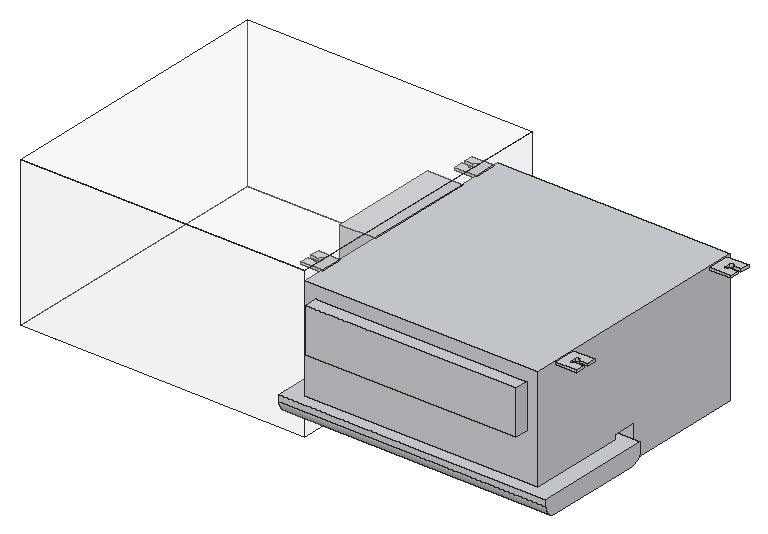
Revit family "pefy-mp22_36ml(-r)_50Hz", category 機械設備, Revit 2019
Family settings
  丸型コネクタ寸法 = 直径を使用
  パーツ タイプ = 標準
  OmniClass 番号 = 23.75.10.24.21.27.27
  OmniClass タイトル = Split System Air Conditioning Units
  作業面ベース = いいえ
  常に垂直 = はい
  ロード時にボイドで切り取り = いいえ
  共有 = いいえ
  部屋計算ポイント = はい
Parameters (values of type "PEFY-MP22ML")
  騒音レベル（弱）(dB) = 39
  音響パワーレベル（中1）(dB) = 49
  風量（弱）（m3／min） = 4.8
  風量（中2）（m3／min） = 5.8
  風量（中1）（m3／min） = 6.8
  風量（m3／min） = 7.9
  音響パワーレベル（中2）(dB) = 45
  音響パワーレベル(dB) = 53
  電圧_電気ヒーター = 0 V
  電動機出力_送風機 = 0.085 kW
  運転質量 = 0.00 kg
  説明 = "ビル用マルチエアコン 天井埋込形 室内機"
  設計暖房能力 [instance] = 0 kW
  設計冷房能力_顕熱 [instance] = 0 kW
  設計冷房能力 [instance] = 0 kW
  設置方法 = "天井吊（隠ぺい）形"
  製造元 = "三菱電機株式会社"
  製品質量 = 18.00 kg
  製品出荷対象 = "国内"
  製品リリース年月 = "2024/9/30"
  製品グループ = ""
  表示 = yes
  系統 [instance] = ""
  相_電気ヒーター = 1
  盤記号 [instance] = ""
  特殊仕様 [instance] = ""
  点検口 = yes
  消費電力_電気ヒーター = 0 kW
  消費電力_暖房 = 0.03 kW
  消費電力_加湿器 = 0 kW
  消費電力_冷房 = 0.04 kW
  消費電力 = if(消費電力_冷房 > 消費電力_暖房, 消費電力_冷房, 消費電力_暖房) + 消費電力_加湿器 + 消費電力_電気ヒーター  # 0.04 kW
  法定耐用年数 = "15"
  機外静圧 = 5.0 Pa
  極数 = 1
  材質 [instance] = ""
  形式_加湿器 = ""
  形式 = "天井吊（隠ぺい）形（両ダクト形）"
  幹線記号 [instance] = ""
  呼称 = "室内機_天井吊（隠ぺい）形（両ダクト形）"
  台数_手元リモコン [instance] = ""
  台数_冷媒分岐ユニット [instance] = ""
  参照している仕様書等のバージョン = "公共建築工事標準仕様書（機械設備工事編）平成31年度版"
  加湿給水管径 = 0.00 mm
  分類コード = "50053003221070"
  分類グループ = ""
  冷媒高低圧ガス管径 = 0.00 mm
  価格 = 0
  企業コード = "108420"
  付属品_フィルター = ""
  付属品 [instance] = ""
  仕様書バージョン = "Version1.0"
  モデル = "PEFY-MP22ML"
  コメント [instance] = ""
  Keynote = ""
  Width = 530.000 mm
  Version = ""
  Uniclass2015Version = "Systems v1.9"
  Uniclass2015Title = "Split coil remote air cooled condensing units"
  Uniclass2015Code = "Pr_70_65_03_84"
  URL = "https://www.mitsubishielectric.co.jp/ldg/wink/qr/002/335170/"
  SpecificationReference = ""
  SpecificationDescription = ""
  風量 = MAX風量  # 474.0 m³/h
  電源種別 = ""
  電圧 = 200 V
  連動 = ""
  質量 = if(製品質量 > 運転質量, 製品質量, 運転質量) * 1.2  # 21.60 kg
  負荷分類 = 3_ファン類
  記号 [instance] = ""
  符号 = "ACP-CID"
  積算_科目 = "1 空気調和設備"
  積算_拾い区分 [instance] = ""
  相 = 1
  発停方法 = "付属スイッチ"
  火災停止 = ""
  本体マテリアル = none
  有効加湿量 = 0
  暖房能力 = 2.5 kW
  始動方式 = "直入"
  周波数 = 50 Hz
  冷房能力 = 2.2 kW
  冷媒管径符号 = "Ac"
  冷媒管径 = 100.00 mm
  冷媒液管径 = 6.35 mm
  冷媒ガス管径 = 12.70 mm
  ドレン管径 = 27.20 mm
  SAサイズ_W = 480.000 mm
  SAサイズ_D = 100.000 mm
  Revision = ""
  R-表示 = no
  ProductInformation = ""
  OmniClassCode = "23-33 17 13 11"
  MIN風量 = 風量（弱）（m3／min） * 60.0 m³/h  # 288.0 m³/h
  MID風量2 = 風量（中2）（m3／min） * 60.0 m³/h  # 348.0 m³/h
  MID風量 = 風量（中1）（m3／min） * 60.0 m³/h  # 408.0 m³/h
  MAX風量 = 風量（m3／min） * 60.0 m³/h  # 474.0 m³/h
  IfcTypeProduct = ""
  IfcProduct = ""
  IfcExportType = "AIRCONDITIONINGUNIT"
  IfcExportAs = "IfcUnitaryEquipmentType"
  Height = 300.000 mm
  Depth = 550.000 mm
  Author = "三菱電機株式会社"
Types (6, lengths in mm): name | 音響パワーレベル（中1）(dB) | 風量（中2）（m3／min） | 風量（中1）（m3／min） | 風量（m3／min） | 音響パワーレベル（中2）(dB) | 音響パワーレベル(dB) | 表示 | 消費電力_暖房 | 消費電力_冷房 | 消費電力 | モデル | URL | 風量 | 暖房能力 | 冷房能力 | R-表示 | MID風量2 | MID風量 | MAX風量
  PEFY-MP22ML | 49 | 5.8 | 6.8 | 7.9 | 45 | 53 | yes | 0.03 kW | 0.04 kW | 0.04 kW | "PEFY-MP22ML" | "https://www.mitsubishielectric.co.jp/ldg/wink/qr/002/335170/" | 474.0 m³/h | 2.5 kW | 2.2 kW | no | 348.0 m³/h | 408.0 m³/h | 474.0 m³/h
  PEFY-MP28ML | 49 | 5.8 | 6.8 | 7.9 | 45 | 53 | yes | 0.03 kW | 0.04 kW | 0.04 kW | "PEFY-MP28ML" | "https://www.mitsubishielectric.co.jp/ldg/wink/qr/002/335171/" | 474.0 m³/h | 3.2 kW | 2.8 kW | no | 348.0 m³/h | 408.0 m³/h | 474.0 m³/h
  PEFY-MP36ML | 51 | 6.3 | 7.8 | 9.3 | 47 | 56 | yes | 0.04 kW | 0.05 kW | 0.05 kW | "PEFY-MP36ML" | "https://www.mitsubishielectric.co.jp/ldg/wink/qr/002/335172/" | 558.0 m³/h | 4 kW | 3.6 kW | no | 378.0 m³/h | 468.0 m³/h | 558.0 m³/h
  PEFY-MP22ML-R | 49 | 5.8 | 6.8 | 7.9 | 45 | 53 | no | 0.03 kW | 0.04 kW | 0.04 kW | "PEFY-MP22ML-R" | "https://www.mitsubishielectric.co.jp/ldg/wink/qr/002/335173/" | 474.0 m³/h | 2.5 kW | 2.2 kW | yes | 348.0 m³/h | 408.0 m³/h | 474.0 m³/h
  PEFY-MP28ML-R | 49 | 5.8 | 6.8 | 7.9 | 45 | 53 | no | 0.03 kW | 0.04 kW | 0.04 kW | "PEFY-MP28ML-R" | "https://www.mitsubishielectric.co.jp/ldg/wink/qr/002/335174/" | 474.0 m³/h | 3.2 kW | 2.8 kW | yes | 348.0 m³/h | 408.0 m³/h | 474.0 m³/h
  PEFY-MP36ML-R | 51 | 6.3 | 7.8 | 9.3 | 47 | 56 | no | 0.04 kW | 0.05 kW | 0.05 kW | "PEFY-MP36ML-R" | "https://www.mitsubishielectric.co.jp/ldg/wink/qr/002/335175/" | 558.0 m³/h | 4 kW | 3.6 kW | yes | 378.0 m³/h | 468.0 m³/h | 558.0 m³/h
Reference planes
  plane 1 "中心(正面/背面)": y = 0
  plane 2: z = 0
  plane 3 "中心(左/右)": x = 0
  plane 4 "左": x = -265
  plane 5 "右": x = 265
  plane 6 "正面": y = -275
  plane 7 "背面": y = 275
  plane 8: z = 300
  plane 9: z = 320
  plane 10: z = -20
  plane 11: y = 375
  plane 12: y = -375
  plane 13: x = -915
  plane 14: x = -465
  plane 15: x = 915
  plane 16: x = 465
  plane 17: y = -175
Lines and regions (mm)
  Masking region 1, detail levels coarse+medium
    outline origin (0, 0, 0) x (1, 0, 0) y (0, 1, 0)
      loop
        line (-265, 275) -> (-265, -275) -> (265, -275) -> (265, 275) -> (-265, 275)
  symbolic lines
    curve 1: line (265, 275, 0) -> (-265, 275, 0)
    curve 2: line (-265, 275, 0) -> (-265, -275, 0)
    curve 3: line (-265, -275, 0) -> (265, -275, 0)
    curve 4: line (265, -275, 0) -> (265, 275, 0)
Dimensions and locks
  "Height": plane 8 to level
  equal spacing: plane 4 "左", plane 3 "中心(左/右)", plane 5 "右"
  "Width": plane 4 "左" to plane 5 "右"
  equal spacing: plane 6 "正面", plane 1 "中心(正面/背面)", plane 7 "背面"
  "Depth": plane 6 "正面" to plane 7 "背面"
  locked: plane 9 to plane 8 at 20
  locked: plane 2 to plane 10 at 20
  locked: plane 13 to plane 4 "左" at 650
  locked: plane 13 to plane 14 at 450
  locked: plane 6 "正面" to plane 11 at 650
  locked: plane 12 to plane 7 "背面" at 650
  locked: plane 5 "右" to plane 15 at 650
  locked: plane 16 to plane 15 at 450
  aligned and locked: level to plane 2
  aligned and locked: plane 10 to nested 3
  aligned and locked: plane 9 to nested 3
  aligned and locked: plane 2 to nested 4
  aligned and locked: plane 9 to nested 4
  aligned and locked: nested 2 to plane 3 "中心(左/右)"
  aligned and locked: nested 2 to plane 1 "中心(正面/背面)"
  aligned and locked: plane 15 to nested 4
  aligned and locked: plane 11 to nested 4
  aligned and locked: plane 5 "右" to nested 4
  aligned and locked: plane 6 "正面" to nested 4
  aligned and locked: plane 4 "左" to nested 3
  aligned and locked: plane 13 to nested 3
  aligned and locked: plane 1 "中心(正面/背面)" to nested 1
  aligned and locked: nested 1 to plane 3 "中心(左/右)"
  aligned and locked: plane 6 "正面" to nested 3
  aligned and locked: plane 11 to nested 3
  aligned and locked: curve 1 to nested 1
  aligned and locked: curve 2 to nested 1
  aligned and locked: curve 3 to nested 1
  aligned and locked: curve 4 to nested 1
  aligned and locked: plane 13 to nested 5
  aligned and locked: plane 14 to nested 5
  aligned and locked: plane 17 to nested 5
  aligned and locked: nested 5 to plane 7 "背面"
  aligned and locked: plane 15 to nested 6
  aligned and locked: nested 6 to plane 7 "背面"
  aligned and locked: plane 16 to nested 6
  aligned and locked: nested 6 to plane 17
Automatic sketch dimensions
  Masking region 1 sketch curve to plane 4 "左" = 0.000 mm
  Masking region 1 sketch curve to plane 5 "右" = 0.000 mm
  plane 6 "正面" to Masking region 1 sketch curve = 0.000 mm
  plane 7 "背面" to Masking region 1 sketch curve = 0.000 mm
Nested families
  nested 1: "PEFY-MP_ML" at (0, 0, 0) x (0, -1, 0) z (0, 0, 1), 表示 <- "表示", ①奥行き <- "Width", ①幅 <- "Depth", ①高さ <- "Height", ガス径 <- "冷媒ガス管径", ドレン径 <- "ドレン管径", 配管径 <- "冷媒管径", 液径 <- "冷媒液管径", type "PEFY-MP_ML"
    with 配管径 100.000 mm, 表示 yes, 液径 6.350 mm, 液W 27.000 mm, 液H 153.000 mm, 液D 62.000 mm, 吊りボルトW 439.000 mm, 吊りボルトH 0.000 mm, 吊りボルトD 584.000 mm, 加湿器径 0.000 mm, 加湿器W 0.000 mm, 加湿器H 0.000 mm, 加湿器D 0.000 mm, ドレン径 27.200 mm, ドレンW 109.000 mm, ドレンH 252.000 mm, ダクト高 100.000 mm, ダクト幅 480.000 mm, ガス径 12.700 mm, ガスW 139.000 mm, ガスH 37.000 mm, ①高さ 300.000 mm, ①幅 550.000 mm, ①奥行き 530.000 mm
  nested 2: "PEFY-MP_ML" at (0, 0, 0) x (0, -1, 0) z (0, 0, 1), 表示 <- "R-表示", ドレン径 <- "ドレン管径", type "PEFY-MP_ML"
    with 配管径 100.000 mm, 表示 no, 液径 6.350 mm, 液W 27.000 mm, 液H 153.000 mm, 液D 62.000 mm, 吊りボルトW 439.000 mm, 吊りボルトH 0.000 mm, 吊りボルトD 584.000 mm, 加湿器径 0.000 mm, 加湿器W 0.000 mm, 加湿器H 0.000 mm, 加湿器D 0.000 mm, ドレン径 27.200 mm, ドレンW 109.000 mm, ドレンH 252.000 mm, ダクト高 100.000 mm, ダクト幅 480.000 mm, ガス径 12.700 mm, ガスW 139.000 mm, ガスH 37.000 mm, ①高さ 300.000 mm, ①幅 550.000 mm, ①奥行き 530.000 mm
  nested 3: "サービススペース" at (-590, 50, 150), visible <- "表示", type "サービススペース"
    with Width 650.000 mm, Height 340.000 mm, Depth 650.000 mm
  nested 4: "サービススペース" at (590, 50, 160), visible <- "R-表示", type "サービススペース"
    with Width 650.000 mm, Height 320.000 mm, Depth 650.000 mm
  nested 5: "点検口設置範囲" at (-690, 50, 0), visible <- "点検口", type "点検口設置範囲"
    with Width 450.000 mm, Depth 450.000 mm
  nested 6: "点検口設置範囲" at (690, 50, 0), visible <- "点検口", type "点検口設置範囲"
    with Width 450.000 mm, Depth 450.000 mm
Connectors
  electrical at (-345, 50, 187.5), driven by "極数", driven by "負荷分類", driven by "電圧", driven by "消費電力"
    settings: on nested 1, index 1, voltage 200 V, apparent load 40 VA, apparent load phase1 0 VA, apparent load phase2 0 VA, apparent load phase3 0 VA, power factor 1, load classification "3_ファン類", number of poles 1, system type 30, power factor state 1, is connector primary yes, connector utility no, sub classification motor no, connector description ""
  electrical at (345, 50, 187.5), driven by "極数", driven by "負荷分類", driven by "電圧", driven by "消費電力"
    settings: on nested 2, index 5, voltage 200 V, apparent load 40 VA, apparent load phase1 0 VA, apparent load phase2 0 VA, apparent load phase3 0 VA, power factor 1, load classification "3_ファン類", number of poles 1, system type 30, power factor state 1, is connector primary no, connector utility no, sub classification motor no, connector description ""
  piping at (327, -166, 48), diameter 27.2, driven by "ドレン管径"
    settings: on nested 2, index 9, connector inside diameter 609.60 mm, connector length 0.000 mm, flow factor 0, pipe flow 0.0 L/s, pressure drop 0.0 Pa, fitting loss kfactor 0, connector angle 0.00°, fixture units 0, engagement length 0.000 mm, angle of deflection 0.00°, flow configuration 1, flow direction 2, fitting loss method 4, system type 16, joint type 0, gender type 0, connector reference index -1, connector utility 0, adjustable connector no, is connector primary yes, connector description ""
  hvac at (0, -305, 222), driven by "SAサイズ_D", driven by "SAサイズ_W", driven by "風量"
    settings: on nested 2, index 10, duct flow 474.0 m³/h, flow factor 0, pres drop 0.0 Pa, loss coef 0, conn angle 0.00°, conn width 480 mm, conn height 100 mm, conn diameter 609.6 mm, duct sys type 1, conn prof type 1, flow config 0, flow direction 2, loss method 4, conn ref index -1, conn util no, is conn primary yes, conn desc ""
  piping at (-327, -166, 48), diameter 27.2, driven by "ドレン管径"
    settings: on nested 1, index 11, connector inside diameter 609.60 mm, connector length 0.000 mm, flow factor 0, pipe flow 0.0 L/s, pressure drop 0.0 Pa, fitting loss kfactor 0, connector angle 0.00°, fixture units 0, engagement length 0.000 mm, angle of deflection 0.00°, flow configuration 1, flow direction 2, fitting loss method 4, system type 16, joint type 0, gender type 0, connector reference index -1, connector utility 0, adjustable connector no, is connector primary no, connector description ""
  piping at (-334, -122.5, 186.5), diameter 100, driven by "冷媒管径", driven by "冷媒管径符号"
    settings: on nested 1, index 12, connector inside diameter 609.60 mm, connector length 0.000 mm, flow factor 0, pipe flow 0.0 L/s, pressure drop 0.0 Pa, fitting loss kfactor 0, connector angle 0.00°, fixture units 0, engagement length 0.000 mm, angle of deflection 0.00°, flow configuration 1, flow direction 1, fitting loss method 4, system type 7, joint type 0, gender type 0, connector reference index -1, connector utility 0, adjustable connector no, is connector primary no, connector description "Ac"
  piping at (334, -122.5, 186.5), diameter 100, driven by "冷媒管径符号", driven by "冷媒管径"
    settings: on nested 2, index 13, connector inside diameter 609.60 mm, connector length 0.000 mm, flow factor 0, pipe flow 0.0 L/s, pressure drop 0.0 Pa, fitting loss kfactor 0, connector angle 0.00°, fixture units 0, engagement length 0.000 mm, angle of deflection 0.00°, flow configuration 1, flow direction 1, fitting loss method 4, system type 7, joint type 0, gender type 0, connector reference index -1, connector utility 0, adjustable connector no, is connector primary no, connector description "Ac"
Definition of nested family "PEFY-MP_ML"
  Parameters (values of type "PEFY-MP_ML")
    表示 [instance] = yes
    加湿器径 [instance] = 0.000 mm
    加湿器W [instance] = 0.000 mm
    加湿器H [instance] = 0.000 mm
    加湿器D [instance] = 0.000 mm
    液径 [instance] = 6.350 mm
    吊りボルトW [instance] = 439.000 mm
    吊りボルトH [instance] = 0.000 mm
    吊りボルトD [instance] = 584.000 mm
    配管径 [instance] = 100.000 mm
    液W [instance] = 27.000 mm
    液H [instance] = 153.000 mm
    液D [instance] = 62.000 mm
    ドレン径 [instance] = 27.200 mm
    ドレンW [instance] = 109.000 mm
    ドレンH [instance] = 252.000 mm
    ダクト高 [instance] = 100.000 mm
    ダクト幅 [instance] = 480.000 mm
    ガス径 [instance] = 12.700 mm
    ガスW [instance] = 139.000 mm
    ガスH [instance] = 37.000 mm
    ①幅 [instance] = 550.000 mm
    ①高さ [instance] = 300.000 mm
    ①奥行き [instance] = 530.000 mm
  Reference planes
    plane 1 "中心(正面/背面)": y = 0
    plane 2: z = 0
    plane 3 "中心(左/右)": x = 0
    plane 4: x = -275
    plane 5: x = 275
    plane 6: y = 265
    plane 7: y = -265
    plane 8: z = 300
    plane 9: y = 292
    plane 10: y = -292
    plane 11: x = -239
    plane 12: x = 200
    plane 13: z = 295
    plane 14: x = 305
    plane 15: x = -214
    plane 16: x = -264
    plane 17: x = 175
    plane 18: x = 225
    plane 19: y = 315
    plane 20: y = -315
    plane 21: y = -345
    plane 22: z = 75
    plane 23: z = 25
    plane 24: x = 32
    plane 25: x = 75
    plane 26: x = -175
    plane 27: y = 305
    plane 28: y = -305
    plane 29: x = 300
    plane 30: x = 166
    plane 31: z = 65
    plane 32: z = 48
    plane 33: y = -240
    plane 34: y = 240
    plane 35: z = 272
    plane 36: z = 172
    plane 37: x = 109
    plane 38: x = 136
    plane 39: z = 263
    plane 40: z = 110
    plane 41: z = 186.5
    plane 42: x = 122.5
  Forms (mm)
    Extrusion 1, solid, visible <- "表示", detail levels fine
      sketch origin (0, 0, 0) x (1, 0, 0) y (0, 1, 0)
        loop
          line (-275, 265) -> (-275, -265) -> (275, -265) -> (275, 265) -> (-275, 265)
      from 75 to 300
    Extrusion 2, solid, visible <- "表示", detail levels fine
      sketch origin (0, 0, 0) x (1, 0, 0) y (0, 1, 0)
        loop
          line (-264, 315) -> (-264, 265) -> (-214, 265) -> (-214, 315) -> (-234, 315) -> (-234, 297)
          arc (-234, 297) -> (-229, 292) -> (-234, 287) r 5
          line (-234, 287) -> (-244, 287)
          arc (-244, 287) -> (-249, 292) -> (-244, 297) r 5
          line (-244, 297) -> (-244, 315) -> (-264, 315)
        loop
          line (-264, -315) -> (-244, -315) -> (-244, -297)
          arc (-244, -297) -> (-249, -292) -> (-244, -287) r 5
          line (-244, -287) -> (-234, -287)
          arc (-234, -287) -> (-229, -292) -> (-234, -297) r 5
          line (-234, -297) -> (-234, -315) -> (-214, -315) -> (-214, -265) -> (-264, -265) -> (-264, -315)
        loop
          line (175, 315) -> (175, 265) -> (225, 265) -> (225, 315) -> (205, 315) -> (205, 297)
          arc (205, 297) -> (210, 292) -> (205, 287) r 5
          line (205, 287) -> (195, 287)
          arc (195, 287) -> (190, 292) -> (195, 297) r 5
          line (195, 297) -> (195, 315) -> (175, 315)
        loop
          line (175, -315) -> (195, -315) -> (195, -297)
          arc (195, -297) -> (190, -292) -> (195, -287) r 5
          line (195, -287) -> (205, -287)
          arc (205, -287) -> (210, -292) -> (205, -297) r 5
          line (205, -297) -> (205, -315) -> (225, -315) -> (225, -265) -> (175, -265) -> (175, -315)
      from 295 to 300
    Extrusion 3, solid, visible <- "表示", detail levels fine
      sketch origin (0, 0, 0) x (1, 0, 0) y (0, 1, 0)
        loop
          line (0, 265) -> (-275, 265) -> (-275, -265) -> (0, -265) -> (0, 265)
      from 0 to 75
    Extrusion 4, solid, visible <- "表示", detail levels fine
      sketch origin (0, 0, 0) x (1, 0, 0) y (0, 0, 1)
        loop
          line (-175, 300) -> (-175, 75) -> (75, 75) -> (75, 300) -> (-175, 300)
      from 265 to 345
    Extrusion 5, solid, visible <- "表示", detail levels fine
      sketch origin (0, 0, 0) x (1, 0, 0) y (0, 0, 1)
        loop
          line (32, 65) -> (32, 50)
          arc (32, 50) -> (39.322, 32.322) -> (57, 25) r 25
          line (57, 25) -> (275, 25)
          arc (275, 25) -> (292.678, 32.322) -> (300, 50) r 25
          line (300, 50) -> (300, 65) -> (32, 65)
      from -305 to 305
    Extrusion 6, solid, visible <- "表示", detail levels fine
      sketch origin (0, 0, 0) x (1, 0, 0) y (0, 1, 0)
        loop
          line (275, 265) -> (55, 265) -> (55, -265) -> (275, -265) -> (275, 265)
      from 65 to 75
    Extrusion 7, solid, visible <- "表示", detail levels fine
      sketch origin (0, 0, 0) x (0, 1, 0) y (0, 0, 1)
        loop
          line (240, 272) -> (-240, 272) -> (-240, 172) -> (240, 172) -> (240, 272)
      from 275 to 305
    Extrusion 8, solid, detail levels coarse+medium
      sketch origin (0, 0, 0) x (1, 0, 0) y (0, 1, 0)
        loop
          line (275, 265) -> (-275, 265) -> (-275, -265) -> (275, -265) -> (275, 265)
      from 25 to 300
    Extrusion 9, solid, visible <- "表示", detail levels fine
      sketch origin (-275, -265, 0) x (1, 0, 0) y (0, 0, 1)
        loop
          circle (397.5, 186.5) r 50
      from 0 to 69
    Extrusion 10, solid, visible <- "表示", detail levels fine
      sketch origin (0, -305, 0) x (1, 0, 0) y (0, 0, 1)
        loop
          circle (166, 48) r 13.6
      from 0 to 22
  Cuts and joins
    joined: Extrusion 1, Extrusion 3, Extrusion 6
  Dimensions and locks
    equal spacing: plane 7, plane 1 "中心(正面/背面)", plane 6
    "①奥行き": plane 7 to plane 6
    equal spacing: plane 4, plane 3 "中心(左/右)", plane 5
    "①幅": plane 4 to plane 5
    "吊りボルトW": plane 11 to plane 12
    locked: plane 8 to plane 13 at 5
    "吊りボルトD": plane 10 to plane 9
    equal spacing: plane 10, plane 1 "中心(正面/背面)", plane 9
    locked: plane 5 to plane 14 at 30
    locked: plane 12 to plane 14 at 105
    locked: plane 20 to plane 7 at 50
    locked: plane 6 to plane 19 at 50
    plane 16 to plane 11 to plane 15 = 25.000 mm locked, 25.000 mm locked
    plane 17 to plane 12 to plane 18 = 25.000 mm locked, 25.000 mm locked
    locked: plane 21 to plane 7 at 80
    "①高さ": plane 8 to level
    locked: plane 8 to plane 22 at 225
    locked: plane 4 to plane 26 at 100
    locked: plane 26 to plane 25 at 250
    locked: plane 21 to plane 27 at 650
    locked: plane 28 to plane 7 at 40
    plane 6 to plane 27 = 40.000 mm
    locked: plane 5 to plane 29 at 25
    locked: plane 24 to plane 29 at 268
    "ドレンW": plane 5 to plane 30
    locked: plane 22 to plane 31 at 10
    locked: plane 22 to plane 23 at 50
    "ドレンH": plane 8 to plane 32
    locked: plane 7 to plane 33 at 25
    "ダクト幅": plane 33 to plane 34
    locked: plane 8 to plane 35 at 28
    "ダクト高": plane 35 to plane 36
    "ガスW": plane 5 to plane 38
    "液W": plane 38 to plane 37
    "ガスH": plane 8 to plane 39
    "液H": plane 39 to plane 40
    diameter of Extrusion 9 sketch curve = 100.000 mm
    "ドレン径": diameter of Extrusion 10 sketch curve
    aligned and locked: level to plane 2
    aligned and locked: plane 6 to Extrusion 1 sketch curve
    aligned and locked: plane 4 to Extrusion 1 sketch curve
    aligned and locked: Extrusion 1 sketch curve to plane 7
    aligned and locked: Extrusion 1 sketch curve to plane 5
    aligned and locked: plane 8 to Extrusion 1
    aligned and locked: plane 10 to nested 1
    aligned and locked: plane 11 to nested 1
    aligned and locked: plane 12 to nested 1
    aligned and locked: nested 1 to plane 9
    aligned and locked: plane 19 to Extrusion 2 sketch curve  (x4)
    aligned and locked: plane 16 to Extrusion 2 sketch curve
    aligned and locked: Extrusion 2 sketch curve to plane 6  (x2)
    aligned and locked: Extrusion 2 sketch curve to plane 15
    aligned and locked: plane 9 to Extrusion 2 sketch curve  (x4)
    aligned and locked: Extrusion 2 sketch curve to plane 18
    aligned and locked: plane 17 to Extrusion 2 sketch curve
    aligned and locked: Extrusion 2 sketch curve to plane 16
    aligned and locked: Extrusion 2 sketch curve to plane 7  (x2)
    aligned and locked: plane 15 to Extrusion 2 sketch curve
    aligned and locked: plane 20 to Extrusion 2 sketch curve  (x4)
    aligned and locked: plane 10 to Extrusion 2 sketch curve  (x4)
    aligned and locked: plane 18 to Extrusion 2 sketch curve
    aligned and locked: Extrusion 2 sketch curve to plane 17
    aligned and locked: plane 8 to Extrusion 2
    aligned and locked: Extrusion 2 to plane 13
    aligned and locked: Extrusion 1 to plane 22
    aligned and locked: Extrusion 1 to Extrusion 3 sketch curve
    aligned and locked: plane 3 "中心(左/右)" to Extrusion 3 sketch curve
    aligned and locked: Extrusion 3 sketch curve to Extrusion 1  (x2)
    aligned and locked: Extrusion 3 to Extrusion 1
    aligned and locked: Extrusion 4 sketch curve to plane 8
    aligned and locked: plane 26 to Extrusion 4 sketch curve
    aligned and locked: plane 22 to Extrusion 4 sketch curve
    aligned and locked: Extrusion 4 sketch curve to plane 25
    aligned and locked: plane 21 to Extrusion 4
    aligned and locked: Extrusion 4 to plane 7
    aligned and locked: Extrusion 5 sketch curve to plane 31
    aligned and locked: Extrusion 5 sketch curve to plane 24
    aligned and locked: Extrusion 5 sketch curve to plane 29
    aligned and locked: Extrusion 5 sketch curve to plane 23
    aligned and locked: plane 28 to Extrusion 5
    aligned and locked: Extrusion 5 to plane 27
    aligned and locked: Extrusion 6 sketch curve to plane 5
    aligned and locked: Extrusion 6 sketch curve to plane 6
    aligned and locked: Extrusion 6 sketch curve to plane 7
    aligned and locked: Extrusion 6 to plane 31
    aligned and locked: plane 22 to Extrusion 6
    aligned and locked: plane 35 to Extrusion 7 sketch curve
    aligned and locked: Extrusion 7 sketch curve to plane 36
    aligned and locked: plane 33 to Extrusion 7 sketch curve
    aligned and locked: Extrusion 7 to plane 5
    aligned and locked: plane 14 to Extrusion 7
    aligned and locked: Extrusion 8 sketch curve to cut or joined group of Extrusion 1, Extrusion 3, Extrusion 6  (x4)
    aligned and locked: Extrusion 5 to Extrusion 8
    aligned and locked: Extrusion 2 to Extrusion 8
  Automatic sketch dimensions
    Extrusion 2 sketch curve to plane 11 = 5.000 mm  (x4)
    plane 11 to Extrusion 2 sketch curve = 5.000 mm  (x3)
    Extrusion 2 sketch curve to plane 12 = 5.000 mm  (x3)
    plane 12 to Extrusion 2 sketch curve = 5.000 mm  (x3)
    Extrusion 2 sketch curve to Extrusion 2 sketch curve = 5.000 mm  (x2)
    plane 9 to Extrusion 2 sketch curve = 5.000 mm  (x2)
    Extrusion 2 sketch curve to Extrusion 2 sketch curve = 0.000 mm
    Extrusion 5 sketch curve to plane 31 = 15.000 mm
    Extrusion 5 sketch curve to plane 5 = 0.000 mm
    Extrusion 6 sketch curve to plane 25 = 20.000 mm
    Extrusion 7 sketch curve to plane 34 = 0.000 mm
    Extrusion 9 sketch curve to Extrusion 8 = 152.500 mm
    Extrusion 8 to Extrusion 9 sketch curve = 113.500 mm
    Extrusion 10 sketch curve to Extrusion 5 = 17.000 mm
    Extrusion 10 sketch curve to Extrusion 5 = 134.000 mm
  Nested families
    nested 1: "固定点" at (-239, -292, 0), visible <- "表示", type "固定点", detail levels fine
      with W 439.000 mm, D 584.000 mm, 中心円 10.000 mm
  Definition of nested family "固定点"
    Parameters (values of type "固定点")
      中心円 = 20.000 mm
      W [instance] = 1000.000 mm
      D [instance] = 1000.000 mm
    Reference planes
      plane 1 "中心(正面/背面)": y = 0
      plane 2: z = 0
      plane 3 "中心(左/右)": x = 0
      plane 4: x = 1000
      plane 5: y = 1000
    Lines and regions (mm)
      symbolic lines, detail levels fine
        curve 1: circle (0, 1000, 0) r 10 normal (0, 0, 1)
        curve 2: circle (0, 0, 0) r 10 normal (0, 0, 1)
        curve 3: circle (1000, 1000, 0) r 10 normal (0, 0, 1)
        curve 4: circle (1000, 0, 0) r 10 normal (0, 0, 1)
        curve 5: line (-200, 1000, 0) -> (1200, 1000, 0)
        curve 6: line (-200, 0, 0) -> (1200, 0, 0)
        curve 7: line (0, 1200, 0) -> (0, -200, 0)
        curve 8: line (1000, 1200, 0) -> (1000, -200, 0)
    Dimensions and locks
      "W": plane 3 "中心(左/右)" to plane 4
      "D": plane 1 "中心(正面/背面)" to plane 5
      "中心円": diameter of curve 1
      "中心円": diameter of curve 2
      "中心円": diameter of curve 3
      "中心円": diameter of curve 4
      aligned and locked: level to plane 2
      aligned and locked: plane 5 to curve 1
      aligned and locked: plane 3 "中心(左/右)" to curve 1
      aligned and locked: plane 3 "中心(左/右)" to curve 2
      aligned and locked: plane 1 "中心(正面/背面)" to curve 2
      aligned and locked: plane 4 to curve 3
      aligned and locked: plane 5 to curve 3
      aligned and locked: plane 1 "中心(正面/背面)" to curve 4
      aligned and locked: plane 4 to curve 4
      aligned and locked: plane 1 "中心(正面/背面)" to curve 6
      aligned and locked: curve 7 to plane 3 "中心(左/右)"
      aligned and locked: curve 8 to plane 4
    Automatic sketch dimensions
      curve 5 to plane 5 = 0.000 mm
      curve 6 to plane 3 "中心(左/右)" = 200.000 mm
      curve 5 to plane 3 "中心(左/右)" = 200.000 mm
      curve 4 to curve 6 = 200.000 mm
      curve 3 to curve 5 = 200.000 mm
      plane 1 "中心(正面/背面)" to curve 8 = 200.000 mm
      plane 1 "中心(正面/背面)" to curve 7 = 200.000 mm
      curve 3 to curve 8 = 200.000 mm
      curve 1 to curve 7 = 200.000 mm
Definition of nested family "サービススペース"
  Parameters (values of type "サービススペース")
    Width [instance] = 500.000 mm
    Height [instance] = 500.000 mm
    Depth [instance] = 500.000 mm
  Reference planes
    plane 1 "中心(正面/背面)": y = 0
    plane 2: z = 0
    plane 3 "中心(左/右)": x = 0
    plane 4: y = -250
    plane 5: x = 250
    plane 6: y = 250
    plane 7: x = -250
    plane 8: z = 250
    plane 9: z = -250
  Forms (mm)
    Extrusion 1, solid
      sketch origin (-638.939, 0, 72.39) x (1, 0, 0) y (0, 1, 0)
        loop
          line (388.939, 250) -> (388.939, -250) -> (888.939, -250) -> (888.939, 250) -> (388.939, 250)
      from -322.39 to 177.61
  Lines and regions (mm)
    symbolic lines
      curve 1: line (-250, 0, 250) -> (250, 0, 250)
      curve 2: line (-250, 0, -250) -> (-250, 0, 250)
      curve 3: line (250, 0, -250) -> (-250, 0, -250)
      curve 4: line (250, 0, 250) -> (250, 0, -250)
      curve 5: line (0, -250, 250) -> (0, 250, 250)
      curve 6: line (0, -250, -250) -> (0, -250, 250)
      curve 7: line (0, 250, -250) -> (0, -250, -250)
      curve 8: line (0, 250, 250) -> (0, 250, -250)
      curve 9: line (-250, 250, 0) -> (250, 250, 0)
      curve 10: line (-250, -250, 0) -> (-250, 250, 0)
      curve 11: line (250, -250, 0) -> (-250, -250, 0)
      curve 12: line (250, 250, 0) -> (250, -250, 0)
  Dimensions and locks
    equal spacing: plane 7, plane 3 "中心(左/右)", plane 5
    equal spacing: plane 4, plane 1 "中心(正面/背面)", plane 6
    "Depth": plane 4 to plane 6
    "Width": plane 7 to plane 5
    equal spacing: plane 8, plane 2, plane 9
    "Height": plane 8 to plane 9
    aligned and locked: plane 9 to curve 3
    aligned and locked: plane 7 to curve 2
    aligned and locked: curve 4 to plane 5
    aligned and locked: plane 5 to Extrusion 1
    aligned and locked: Extrusion 1 to plane 7
    aligned and locked: Extrusion 1 to plane 9
    aligned and locked: plane 8 to Extrusion 1
    aligned and locked: plane 9 to curve 7
  Automatic sketch dimensions
    plane 4 to Extrusion 1 sketch curve = 0.000 mm
    Extrusion 1 sketch curve to plane 7 = 0.000 mm
    Extrusion 1 sketch curve to plane 5 = 0.000 mm
    plane 6 to Extrusion 1 sketch curve = 0.000 mm
    curve 2 to plane 8 = 0.000 mm
    plane 4 to curve 11 = 0.000 mm
    curve 11 to plane 7 = 0.000 mm
    curve 11 to plane 5 = 0.000 mm
    plane 6 to curve 10 = 0.000 mm
    curve 7 to plane 4 = 0.000 mm
    curve 7 to plane 6 = 0.000 mm
    curve 6 to plane 8 = 0.000 mm
Definition of nested family "点検口設置範囲"
  Parameters (values of type "点検口設置範囲")
    Width [instance] = 650.000 mm
    Depth [instance] = 650.000 mm
  Reference planes
    plane 1 "中心(正面/背面)": y = 0
    plane 2: z = 0
    plane 3 "中心(左/右)": x = 0
    plane 4: x = -325
    plane 5: x = 325
    plane 6: y = -325
    plane 7: y = 325
  Lines and regions (mm)
    model lines
      curve 1: line (-325, 325, 0) -> (325, 325, 0)
      curve 2: line (-325, -325, 0) -> (-325, 325, 0)
      curve 3: line (325, -325, 0) -> (-325, -325, 0)
      curve 4: line (325, 325, 0) -> (325, -325, 0)
  Dimensions and locks
    "Depth": plane 7 to plane 6
    "Width": plane 4 to plane 5
    equal spacing: plane 7, plane 1 "中心(正面/背面)", plane 6
    equal spacing: plane 4, plane 3 "中心(左/右)", plane 5
    aligned and locked: level to plane 2
    aligned and locked: plane 4 to curve 2
    aligned and locked: curve 1 to plane 7
    aligned and locked: curve 4 to plane 5
    aligned and locked: plane 6 to curve 3
